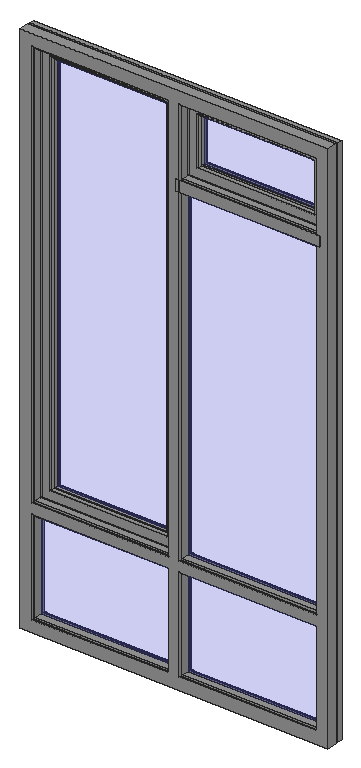
Revit family "MA2FS RH", category Windows, host Wall, Revit 2015
Parameters (values of type "MA2FS RH")
  Sash Height = 1461 mm
  Fanlight Height = 310 mm
  Height = 1814 mm
  Default Lintel Height = 2100 mm
  Wall Closure = By host
  Width = 1040 mm
Reference planes
  plane 1 "Center (Front/Back)": y = 0
  plane 2 "Center (Left/Right)": x = 0
  plane 3 "Left": x = -520
  plane 4 "Right": x = 520
  plane 5 "Sill": z = 286
  plane 6 "Head": z = 2100
  plane 7 "Exterior": y = 100
  plane 8 "Interior": y = -100
  plane 9: y = -28.5
  plane 10: y = 23.5
  plane 11: z = 1790
  plane 12: z = 639
Forms (mm)
  Sweep 1, solid, material "Lauan, Meranti"
    path origin (0, 100, 0) x (-1, 0, 0) y (0, 0, -1)
      loop
        line (520, -2100) -> (520, -286) -> (-520, -286) -> (-520, -2100) -> (520, -2100)
    profile origin (0, 100, 2100) x (0, 0, 1) y (0, -1, 0)
      loop
        line (0, 71.5) -> (0, 86.5) -> (-10, 86.5) -> (-10, 94.5) -> (0, 94.5) -> (0, 128.5) -> (-39, 128.5) -> (-39, 122.5) -> (-44, 122.5) -> (-44, 96.5) -> (-40.5, 96.5) -> (-40.5, 102.5) -> (-37.5, 102.5) -> (-37.5, 96.5) -> (-29, 96.5) -> (-29, 71.5) -> (0, 71.5)
  Extrusion 2, solid, material "Lauan, Meranti"
    sketch origin (22, 0, -1151) x (0, -1, 0) y (0, 0, -1)
      loop
        line (28.5, -1795) -> (22.5, -1795) -> (22.5, -1790) -> (-3.5, -1790) -> (-3.5, -1793.5) -> (2.5, -1793.5) -> (2.5, -1796.5) -> (-3.5, -1796.5) -> (-3.5, -1805) -> (-28.5, -1805) -> (-28.5, -1819) -> (-3.5, -1819) -> (-3.5, -1827.5) -> (2.5, -1827.5) -> (2.5, -1830.5) -> (-3.5, -1830.5) -> (-3.5, -1834) -> (22.5, -1834) -> (22.5, -1829) -> (28.5, -1829) -> (28.5, -1795)
    from -513 to 469
  Extrusion 3, solid, material "Lauan, Meranti"
    sketch origin (0, 0, 0) x (1, 0, 0) y (0, 1, 0)
      loop
        line (22, -22.5) -> (22, 3.5) -> (18.5, 3.5) -> (18.5, -2.5) -> (15.5, -2.5) -> (15.5, 3.5) -> (7, 3.5) -> (7, 28.5) -> (-7, 28.5) -> (-7, 3.5) -> (-15.5, 3.5) -> (-15.5, -2.5) -> (-18.5, -2.5) -> (-18.5, 3.5) -> (-22, 3.5) -> (-22, -22.5) -> (-17, -22.5) -> (-17, -28.5) -> (17, -28.5) -> (17, -22.5) -> (22, -22.5)
    from 668 to 2071
  Extrusion 4, solid, material "Lauan, Meranti"
    sketch origin (-22, 0, 0) x (0, -1, 0) y (0, 0, 1)
      loop
        line (28.5, 1795) -> (28.5, 1829) -> (22.5, 1829) -> (22.5, 1834) -> (-3.5, 1834) -> (-3.5, 1830.5) -> (2.5, 1830.5) -> (2.5, 1827.5) -> (-3.5, 1827.5) -> (-3.5, 1819) -> (-28.5, 1819) -> (-28.5, 1805) -> (-3.5, 1805) -> (-3.5, 1796.5) -> (2.5, 1796.5) -> (2.5, 1793.5) -> (-3.5, 1793.5) -> (-3.5, 1790) -> (22.5, 1790) -> (22.5, 1795) -> (28.5, 1795)
    from -513 to -29
  Sweep 5, solid, material "Rubber"
    path origin (10500, 23.5, 2100) x (0, 0, -1) y (-1, 0, 0)
      loop
        line (29, 10991) -> (29, 10507) -> (1432, 10507) -> (1432, 10991) -> (29, 10991)
    profile origin (-249, 23.5, 2071) x (0, 0, -1) y (0, 1, 0)
      loop
        line (5, -20) -> (9, -20) -> (9, -22.43) -> (8, -22.43) -> (9, -22.698) -> (9, -24.464) -> (8, -24.464) -> (10, -25) -> (12, -24.464) -> (11, -24.464) -> (11, -22.698) -> (12, -22.43) -> (11, -22.43) -> (11, -20) -> (15, -20) -> (15, -17) -> (10, -15) -> (5, -17) -> (5, -20)
  Sweep 6, solid, material "Lauan, Meranti"
    path origin (10500, 23.5, 2100) x (0, 0, -1) y (-1, 0, 0)
      loop
        line (29, 10991) -> (29, 10507) -> (1432, 10507) -> (1432, 10991) -> (29, 10991)
    profile origin (-249, 23.5, 2071) x (0, 0, -1) y (0, 1, 0)
      loop
        line (-5, 5) -> (12, 5) -> (12, -2) -> (14, -2.536) -> (14, -7.464) -> (12, -8) -> (12, -13) -> (10, -13) -> (10, -17) -> (43, -17) -> (43, -14)
        arc (43, -14) -> (47.243, -12.243) -> (49, -8) r 6
        line (49, -8) -> (52, -8) -> (52, 0) -> (43, 0) -> (43, 25) -> (1, 25)
        arc (1, 25) -> (-3.242, 23.243) -> (-5, 19) r 6
        line (-5, 19) -> (-5, 5)
  Extrusion 7, solid, material "Glass"
    sketch origin (10500, 23.5, 2100) x (0, 0, -1) y (-1, 0, 0)
      loop
        line (72, 10948) -> (72, 10550.014) -> (1388.987, 10550.014) -> (1388.987, 10948) -> (72, 10948)
    from 0 to 6.4
  Sweep 8, solid, material "Lauan, Meranti"
    path origin (10500, 23.5, 2100) x (0, 0, -1) y (-1, 0, 0)
      loop
        line (72.013, 10947.988) -> (72.013, 10550) -> (1389, 10550) -> (1389, 10947.988) -> (72.013, 10947.988)
    profile origin (-248.994, 23.5, 2027.987) x (0, 0, -1) y (0, 1, 0)
      loop
        arc (7, 8.4) -> (4.666, 12.769) -> (-0.011, 14.4) r 6.807
        line (-0.011, 14.4) -> (-0.011, 6.4) -> (9, 6.4) -> (9, 8.4) -> (7, 8.4)
  Sweep 9, solid, material "Rubber"
    path origin (10500, 23.5, 2100) x (0, 0, -1) y (-1, 0, 0)
      loop
        line (29, 10493) -> (29, 10009) -> (281, 10009) -> (281, 10493) -> (29, 10493)
    profile origin (249, 23.5, 2071) x (0, 0, -1) y (0, 1, 0)
      loop
        line (5, -17) -> (5, -20) -> (9, -20) -> (9, -22.43) -> (8, -22.43) -> (9, -22.698) -> (9, -24.464) -> (8, -24.464) -> (10, -25) -> (12, -24.464) -> (11, -24.464) -> (11, -22.698) -> (12, -22.43) -> (11, -22.43) -> (11, -20) -> (15, -20) -> (15, -17) -> (10, -15) -> (5, -17)
  Sweep 10, solid, material "Lauan, Meranti"
    path origin (10500, 23.5, 2100) x (0, 0, -1) y (-1, 0, 0)
      loop
        line (29, 10493) -> (29, 10009) -> (281, 10009) -> (281, 10493) -> (29, 10493)
    profile origin (249, 23.5, 2071) x (0, 0, -1) y (0, 1, 0)
      loop
        line (43, 25) -> (1, 25)
        arc (1, 25) -> (-3.242, 23.243) -> (-5, 19) r 6
        line (-5, 19) -> (-5, 5) -> (12, 5) -> (12, -2) -> (14, -2.536) -> (14, -7.464) -> (12, -8) -> (12, -13) -> (10, -13) -> (10, -17) -> (43, -17) -> (43, -14)
        arc (43, -14) -> (47.243, -12.243) -> (49, -8) r 6
        line (49, -8) -> (52, -8) -> (52, 0) -> (43, 0) -> (43, 25)
  Extrusion 11, solid, material "Glass"
    sketch origin (10500, 23.5, 2100) x (0, 0, -1) y (-1, 0, 0)
      loop
        line (72.013, 10449.988) -> (72.013, 10052) -> (238, 10052) -> (238, 10449.988) -> (72.013, 10449.988)
    from 0 to 6.4
  Sweep 12, solid, material "Lauan, Meranti"
    path origin (10500, 23.5, 2100) x (0, 0, -1) y (-1, 0, 0)
      loop
        line (72.013, 10449.988) -> (72.013, 10052.012) -> (237.987, 10052.012) -> (237.987, 10449.988) -> (72.013, 10449.988)
    profile origin (249, 23.5, 2027.987) x (0, 0, -1) y (0, 1, 0)
      loop
        arc (7, 8.4) -> (4.666, 12.769) -> (-0.011, 14.4) r 6.807
        line (-0.011, 14.4) -> (-0.011, 6.4) -> (9, 6.4) -> (9, 8.4) -> (7, 8.4)
  Extrusion 13, solid, material "Lauan, Meranti"
    sketch origin (0, 0, -1432) x (1, 0, 0) y (0, 1, 0)
      loop
        line (22, -22.5) -> (22, 3.5) -> (18.5, 3.5) -> (18.5, -2.5) -> (15.5, -2.5) -> (15.5, 3.5) -> (7, 3.5) -> (7, 28.5) -> (-7, 28.5) -> (-7, 3.5) -> (-15.5, 3.5) -> (-15.5, -2.5) -> (-18.5, -2.5) -> (-18.5, 3.5) -> (-22, 3.5) -> (-22, -22.5) -> (-17, -22.5) -> (-17, -28.5) -> (17, -28.5) -> (17, -22.5) -> (22, -22.5)
    from 1747 to 2086
  Extrusion 14, solid, material "Glass"
    sketch origin (10500, 3.5, 2100) x (0, 0, -1) y (-1, 0, 0)
      loop
        line (295, 10493) -> (295, 10009) -> (1432, 10009) -> (1432, 10493) -> (295, 10493)
      loop
        line (1446, 10991) -> (1446, 10507) -> (1785, 10507) -> (1785, 10991) -> (1446, 10991)
      loop
        line (1446, 10493) -> (1446, 10009) -> (1785, 10009) -> (1785, 10493) -> (1446, 10493)
    from 0 to 6.4
  Sweep 15, solid, material "Lauan, Meranti"
    path origin (10500, 23.5, 2100) x (0, 0, -1) y (-1, 0, 0)
      loop
        line (295, 10493) -> (295, 10009) -> (1432, 10009) -> (1432, 10493) -> (295, 10493)
    profile origin (249, 23.5, 1805) x (0, 0, -1) y (0, 1, 0)
      loop
        line (0, 1.4) -> (0, -13.6) -> (15, -13.6) -> (15, -8.6) -> (13, -8.6)
        arc (13, -8.6) -> (10.071, -1.529) -> (3, 1.4) r 10
        line (3, 1.4) -> (0, 1.4)
  Sweep 16, solid, material "Lauan, Meranti"
    path origin (10500, 23.5, 2100) x (0, 0, -1) y (-1, 0, 0)
      loop
        line (1446, 10991) -> (1446, 10507) -> (1785, 10507) -> (1785, 10991) -> (1446, 10991)
    profile origin (-249, 23.5, 654) x (0, 0, -1) y (0, 1, 0)
      loop
        line (0, 1.4) -> (0, -13.6) -> (15, -13.6) -> (15, -8.6) -> (13, -8.6)
        arc (13, -8.6) -> (10.071, -1.529) -> (3, 1.4) r 10
        line (3, 1.4) -> (0, 1.4)
  Sweep 17, solid, material "Lauan, Meranti"
    path origin (10500, 23.5, 2100) x (0, 0, -1) y (-1, 0, 0)
      loop
        line (1446, 10493) -> (1446, 10009) -> (1785, 10009) -> (1785, 10493) -> (1446, 10493)
    profile origin (249, 23.5, 654) x (0, 0, -1) y (0, 1, 0)
      loop
        line (0, 1.4) -> (0, -13.6) -> (15, -13.6) -> (15, -8.6) -> (13, -8.6)
        arc (13, -8.6) -> (10.071, -1.529) -> (3, 1.4) r 10
        line (3, 1.4) -> (0, 1.4)
Cuts and joins
  joined: Sweep 1, Extrusion 2, Extrusion 3, Extrusion 13
  joined: Extrusion 4, Sweep 15
Lines and regions (mm)
  Opening 1
    outline origin (-5000, 100, 0) x (-1, 0, 0) y (0, 0, 1)
      loop
        line (-4480, 286) -> (-4480, 2100) -> (-5520, 2100) -> (-5520, 286) -> (-4480, 286)
  model lines
    curve 1: line (-2, 48.5, 1369.5) -> (-496, 48.5, 2075.936)
    curve 2: line (-2, 48.5, 1369.5) -> (-496.093, 48.5, 662.93)
    curve 3: line (249, 48.5, 1814) -> (2, 48.5, 2076)
    curve 4: line (496, 48.5, 2076) -> (249, 48.5, 1814)
Text (mm)
  text "EXTERIOR" at (-1963.203, 1332.353, 0), in view "Ref. Level"
  text "INTERIOR" at (-1981.466, -818.386, 0), in view "Ref. Level"
  text "Exterior" at (0, 923.751, 2943.296), in view "Right"
  text "Exterior" at (0, 1040.484, 2685.409), in view "Left"
Dimensions and locks
  equal spacing: plane 3 "Left", plane 2 "Center (Left/Right)", plane 4 "Right"
  "Width": plane 3 "Left" to plane 4 "Right"
  "Height": plane 5 "Sill" to plane 6 "Head"
  "Default Lintel Height": plane 6 "Head" to level
  locked: plane 7 "Exterior" to host wall at 0
  locked: plane 8 "Interior" to host wall
  locked: plane 10 to plane 9 at 52
  "Fanlight Height": plane 11 to plane 6 "Head"
  "Sash Height": plane 12 to plane 6 "Head"
  Sweep 5 sketch curve to Extrusion 3 = 11.5 mm
  Sweep 6 sketch curve to Extrusion 3 = 11.5 mm
  Extrusion 3 to Extrusion 7 sketch curve to Extrusion 7 sketch curve = 28.014 mm, 397.986 mm
  aligned and locked: Sweep 1 to Extrusion 2
  aligned and locked: Sweep 1 to Extrusion 3
  aligned and locked: Extrusion 2 to Extrusion 3
  aligned and locked: Sweep 5 sketch curve to Sweep 1
  aligned and locked: Sweep 5 sketch curve to Extrusion 3  (x2)
  aligned and locked: Sweep 1 to Sweep 6 sketch curve
  aligned and locked: Sweep 6 sketch curve to Sweep 1
  aligned and locked: Sweep 6 sketch curve to Extrusion 3
  aligned and locked: Sweep 6 to Extrusion 7 sketch curve
  aligned and locked: Extrusion 7 sketch curve to Sweep 6
  aligned and locked: Sweep 8 sketch curve to Sweep 6  (x3)
  aligned and locked: Sweep 6 to Sweep 8 sketch curve
  aligned and locked: Sweep 9 sketch curve to Extrusion 3  (x2)
  aligned and locked: Extrusion 4 to Sweep 9 sketch curve
  aligned and locked: Sweep 9 sketch curve to Extrusion 4
  aligned and locked: Sweep 10 sketch curve to Extrusion 3  (x2)
  aligned and locked: Extrusion 4 to Sweep 10 sketch curve
  aligned and locked: Sweep 10 sketch curve to Extrusion 4
  aligned and locked: Extrusion 11 sketch curve to Sweep 10  (x3)
  aligned and locked: Sweep 10 to Extrusion 11 sketch curve
  aligned and locked: Sweep 12 sketch curve to Extrusion 11
  aligned and locked: Extrusion 11 to Sweep 12 sketch curve
  aligned and locked: Sweep 12 sketch curve to Sweep 10  (x2)
  aligned and locked: Sweep 1 to Extrusion 13
  aligned and locked: Extrusion 4 to Sweep 15 sketch curve
  aligned and locked: Sweep 15 sketch curve to Extrusion 14  (x2)
  aligned and locked: Extrusion 2 to Sweep 15 sketch curve
  aligned and locked: Extrusion 2 to Sweep 16 sketch curve
  aligned and locked: Sweep 16 sketch curve to Extrusion 14  (x2)
  aligned and locked: Sweep 16 sketch curve to Extrusion 13
  aligned and locked: Sweep 17 sketch curve to Extrusion 14
  aligned and locked: Sweep 17 sketch curve to Extrusion 13
  aligned and locked: Sweep 1 to Sweep 17 sketch curve
  aligned and locked: Sweep 17 sketch curve to Sweep 1
Automatic sketch dimensions
  plane 2 "Center (Left/Right)" to curve 2 = 2 mm
  plane 11 to curve 4 = 24 mm
  curve 4 to plane 2 "Center (Left/Right)" = 249 mm
  curve 1 to plane 11 = 420.5 mm
  curve 1 to plane 3 "Left" = 24 mm
  curve 2 to plane 3 "Left" = 23.907 mm
  curve 3 to plane 2 "Center (Left/Right)" = 2 mm
  plane 4 "Right" to curve 4 = 24 mm
  plane 12 to curve 2 = 23.93 mm
  plane 6 "Head" to curve 1 = 24.064 mm
  plane 6 "Head" to curve 4 = 24 mm
  plane 6 "Head" to curve 3 = 24 mm
  plane 4 "Right" to Opening 1 sketch curve = 0 mm
  plane 3 "Left" to Opening 1 sketch curve = 0 mm
  Opening 1 sketch curve to plane 5 "Sill" = 0 mm
  Opening 1 sketch curve to plane 6 "Head" = 0 mm
  plane 4 "Right" to Sweep 1 sketch curve = 0 mm
  plane 3 "Left" to Sweep 1 sketch curve = 0 mm
  Sweep 1 sketch curve to plane 6 "Head" = 0 mm
  Sweep 1 sketch curve to plane 5 "Sill" = 0 mm
  profile plane to Sweep 1 sketch curve = 0 mm  (x2)
  profile plane to Sweep 1 sketch curve = 10 mm
  Sweep 1 sketch curve to Sweep 1 sketch curve = 19 mm
  Sweep 1 sketch curve to Sweep 1 sketch curve = 8.5 mm
  Sweep 1 sketch curve to Sweep 1 sketch curve = 1.5 mm
  Sweep 1 sketch curve to Sweep 1 sketch curve = 3 mm
  Sweep 1 sketch curve to Sweep 1 sketch curve = 5 mm
  profile plane to Sweep 1 sketch curve = 71.5 mm
  Sweep 1 sketch curve to Sweep 1 sketch curve = 15 mm
  Sweep 1 sketch curve to Sweep 1 sketch curve = 8 mm
  Sweep 1 sketch curve to Sweep 1 sketch curve = 25 mm
  Sweep 1 sketch curve to Sweep 1 sketch curve = 0 mm
  Sweep 1 sketch curve to Sweep 1 sketch curve = 6 mm
  Sweep 1 sketch curve to Sweep 1 sketch curve = 20 mm
  Sweep 1 sketch curve to Sweep 1 sketch curve = 34 mm
  Extrusion 2 sketch curve to plane 12 = 0 mm
  Extrusion 2 sketch curve to plane 9 = 0 mm
  plane 9 to Extrusion 2 sketch curve = 6 mm  (x2)
  host wall to Extrusion 2 sketch curve = 2.5 mm  (x2)
  Extrusion 2 sketch curve to host wall = 3.5 mm  (x3)
  Extrusion 2 sketch curve to Extrusion 2 sketch curve = 0 mm
  plane 10 to Extrusion 2 sketch curve = 5 mm
  Extrusion 2 sketch curve to Extrusion 2 sketch curve = 3.5 mm
  plane 12 to Extrusion 2 sketch curve = 5 mm
  Extrusion 2 sketch curve to Extrusion 2 sketch curve = 3 mm  (x2)
  Extrusion 2 sketch curve to Extrusion 2 sketch curve = 8.5 mm  (x2)
  Extrusion 2 sketch curve to Extrusion 2 sketch curve = 14 mm
  Extrusion 2 sketch curve to Extrusion 2 sketch curve = 1.5 mm
  Extrusion 2 sketch curve to Extrusion 2 sketch curve = 5 mm
  Extrusion 3 sketch curve to plane 9 = 0 mm
  Extrusion 3 sketch curve to host wall = 3.5 mm  (x3)
  plane 2 "Center (Left/Right)" to Extrusion 3 sketch curve = 22 mm
  host wall to Extrusion 3 sketch curve = 2.5 mm  (x2)
  Extrusion 3 sketch curve to Extrusion 3 sketch curve = 3.5 mm  (x2)
  Extrusion 3 sketch curve to Extrusion 3 sketch curve = 5 mm
  Extrusion 3 sketch curve to Extrusion 3 sketch curve = 3 mm  (x2)
  plane 2 "Center (Left/Right)" to Extrusion 3 sketch curve = 7 mm
  Extrusion 3 sketch curve to plane 2 "Center (Left/Right)" = 7 mm
  Extrusion 3 sketch curve to Extrusion 3 sketch curve = 8.5 mm
  Extrusion 3 sketch curve to plane 2 "Center (Left/Right)" = 17 mm
  plane 9 to Extrusion 3 sketch curve = 6 mm  (x2)
  Extrusion 3 sketch curve to Extrusion 3 sketch curve = 0 mm
  plane 10 to Extrusion 3 sketch curve = 5 mm
  Extrusion 4 sketch curve to plane 11 = 0 mm
  Extrusion 4 sketch curve to plane 9 = 0 mm
  plane 9 to Extrusion 4 sketch curve = 6 mm  (x2)
  host wall to Extrusion 4 sketch curve = 2.5 mm  (x2)
  Extrusion 4 sketch curve to host wall = 3.5 mm  (x3)
  Extrusion 4 sketch curve to Extrusion 4 sketch curve = 0 mm
  plane 10 to Extrusion 4 sketch curve = 5 mm
  plane 11 to Extrusion 4 sketch curve = 3.5 mm
  plane 11 to Extrusion 4 sketch curve = 5 mm
  Extrusion 4 sketch curve to Extrusion 4 sketch curve = 3 mm  (x2)
  plane 11 to Extrusion 4 sketch curve = 15 mm
  Extrusion 4 sketch curve to Extrusion 4 sketch curve = 14 mm
  Extrusion 4 sketch curve to Extrusion 4 sketch curve = 8.5 mm
  Extrusion 4 sketch curve to Extrusion 4 sketch curve = 1.5 mm
  Extrusion 4 sketch curve to Extrusion 4 sketch curve = 5 mm
  plane 6 "Head" to Sweep 5 sketch curve = 29 mm
  Sweep 5 sketch curve to profile plane = 5 mm
  Sweep 5 sketch curve to Sweep 5 sketch curve = 3 mm  (x4)
  Sweep 5 sketch curve to Sweep 5 sketch curve = 0 mm  (x2)
  Sweep 5 sketch curve to Sweep 5 sketch curve = 1 mm  (x6)
  Sweep 5 sketch curve to Sweep 5 sketch curve = 2 mm
  Sweep 5 sketch curve to profile plane = 25 mm
  Sweep 5 sketch curve to Sweep 5 sketch curve = 0.536 mm  (x2)
  Sweep 5 sketch curve to Sweep 5 sketch curve = 1.766 mm  (x2)
  Sweep 5 sketch curve to Sweep 5 sketch curve = 0.268 mm  (x2)
  Sweep 5 sketch curve to Sweep 5 sketch curve = 2.43 mm  (x2)
  Sweep 5 sketch curve to Sweep 5 sketch curve = 5 mm
  plane 2 "Center (Left/Right)" to Sweep 6 sketch curve = 7 mm
  Sweep 6 sketch curve to profile plane = 0 mm
  profile plane to Sweep 6 sketch curve = 5 mm  (x2)
  Sweep 6 sketch curve to profile plane = 1 mm
  Sweep 6 sketch curve to profile plane = 10 mm
  Sweep 6 sketch curve to Sweep 6 sketch curve = 2 mm  (x2)
  Sweep 6 sketch curve to profile plane = 2 mm
  Sweep 6 sketch curve to Sweep 6 sketch curve = 0 mm  (x2)
  Sweep 6 sketch curve to Sweep 6 sketch curve = 29 mm
  Sweep 6 sketch curve to Sweep 6 sketch curve = 6 mm
  Sweep 6 sketch curve to Sweep 6 sketch curve = 3 mm
  Sweep 6 sketch curve to Sweep 6 sketch curve = 0.536 mm  (x2)
  Sweep 6 sketch curve to Sweep 6 sketch curve = 4.928 mm
  Sweep 6 sketch curve to Sweep 6 sketch curve = 8 mm
  Sweep 6 sketch curve to Sweep 6 sketch curve = 5 mm
  Sweep 6 sketch curve to Sweep 6 sketch curve = 4 mm
  Sweep 6 sketch curve to Sweep 6 sketch curve = 14 mm
  profile plane to Sweep 8 sketch curve = 0.011 mm
  Sweep 8 sketch curve to profile plane = 0.241 mm
  Sweep 8 sketch curve to Sweep 8 sketch curve = 6.759 mm
  Sweep 8 sketch curve to Sweep 8 sketch curve = 2 mm  (x2)
  profile plane to Sweep 8 sketch curve = 6.4 mm
  Sweep 8 sketch curve to Sweep 8 sketch curve = 1.197 mm
  Sweep 9 sketch curve to profile plane = 5 mm
  Sweep 9 sketch curve to Sweep 9 sketch curve = 3 mm  (x4)
  Sweep 9 sketch curve to Sweep 9 sketch curve = 0 mm  (x2)
  Sweep 9 sketch curve to Sweep 9 sketch curve = 1 mm  (x7)
  Sweep 9 sketch curve to Sweep 9 sketch curve = 2 mm
  Sweep 9 sketch curve to profile plane = 25 mm
  Sweep 9 sketch curve to Sweep 9 sketch curve = 0.536 mm  (x2)
  Sweep 9 sketch curve to Sweep 9 sketch curve = 1.766 mm  (x2)
  Sweep 9 sketch curve to Sweep 9 sketch curve = 0.268 mm  (x2)
  Sweep 9 sketch curve to Sweep 9 sketch curve = 2.43 mm
  Sweep 9 sketch curve to Sweep 9 sketch curve = 5 mm
  Sweep 10 sketch curve to profile plane = 0 mm
  profile plane to Sweep 10 sketch curve = 5 mm  (x2)
  Sweep 10 sketch curve to profile plane = 1 mm
  Sweep 10 sketch curve to profile plane = 10 mm
  Sweep 10 sketch curve to profile plane = 12 mm
  Sweep 10 sketch curve to Sweep 10 sketch curve = 2 mm  (x2)
  Sweep 10 sketch curve to Sweep 10 sketch curve = 31 mm
  Sweep 10 sketch curve to Sweep 10 sketch curve = 0 mm
  Sweep 10 sketch curve to Sweep 10 sketch curve = 6 mm
  Sweep 10 sketch curve to Sweep 10 sketch curve = 3 mm
  Sweep 10 sketch curve to profile plane = 2 mm
  Sweep 10 sketch curve to Sweep 10 sketch curve = 0.536 mm  (x2)
  Sweep 10 sketch curve to Sweep 10 sketch curve = 4.928 mm
  Sweep 10 sketch curve to Sweep 10 sketch curve = 8 mm
  Sweep 10 sketch curve to Sweep 10 sketch curve = 5 mm
  Sweep 10 sketch curve to Sweep 10 sketch curve = 4 mm
  Sweep 10 sketch curve to Sweep 10 sketch curve = 14 mm
  profile plane to Sweep 12 sketch curve = 0.011 mm
  Sweep 12 sketch curve to profile plane = 0.241 mm
  Sweep 12 sketch curve to Sweep 12 sketch curve = 6.759 mm
  Sweep 12 sketch curve to Sweep 12 sketch curve = 2 mm  (x2)
  profile plane to Sweep 12 sketch curve = 6.4 mm
  Sweep 12 sketch curve to Sweep 12 sketch curve = 1.197 mm
  Extrusion 13 sketch curve to plane 9 = 0 mm
  Extrusion 13 sketch curve to host wall = 3.5 mm  (x3)
  plane 2 "Center (Left/Right)" to Extrusion 13 sketch curve = 22 mm
  host wall to Extrusion 13 sketch curve = 2.5 mm  (x2)
  Extrusion 13 sketch curve to Extrusion 13 sketch curve = 3.5 mm  (x2)
  Extrusion 13 sketch curve to Extrusion 13 sketch curve = 5 mm
  Extrusion 13 sketch curve to Extrusion 13 sketch curve = 3 mm  (x2)
  plane 2 "Center (Left/Right)" to Extrusion 13 sketch curve = 7 mm
  Extrusion 13 sketch curve to plane 2 "Center (Left/Right)" = 7 mm
  Extrusion 13 sketch curve to Extrusion 13 sketch curve = 8.5 mm
  Extrusion 13 sketch curve to plane 2 "Center (Left/Right)" = 17 mm
  plane 9 to Extrusion 13 sketch curve = 6 mm  (x2)
  Extrusion 13 sketch curve to Extrusion 13 sketch curve = 0 mm
  plane 10 to Extrusion 13 sketch curve = 5 mm
  plane 11 to Extrusion 14 sketch curve = 15 mm
  Extrusion 14 sketch curve to plane 2 "Center (Left/Right)" = 7 mm  (x2)
  plane 12 to Extrusion 14 sketch curve = 29 mm
  plane 12 to Extrusion 14 sketch curve = 15 mm
  Extrusion 14 sketch curve to Extrusion 14 sketch curve = 14 mm
  plane 2 "Center (Left/Right)" to Extrusion 14 sketch curve = 7 mm
  Extrusion 14 sketch curve to plane 5 "Sill" = 29 mm
  Extrusion 14 sketch curve to Extrusion 14 sketch curve = 0 mm
  plane 4 "Right" to Extrusion 14 sketch curve = 29 mm  (x2)
  Extrusion 14 sketch curve to plane 3 "Left" = 29 mm
  profile plane to Sweep 15 sketch curve = 0 mm
  Sweep 15 sketch curve to profile plane = 3 mm
  Sweep 15 sketch curve to Sweep 15 sketch curve = 10 mm
  Sweep 15 sketch curve to Sweep 15 sketch curve = 2 mm
  Sweep 15 sketch curve to profile plane = 13.6 mm
  Sweep 15 sketch curve to Sweep 15 sketch curve = 5 mm
  profile plane to Sweep 16 sketch curve = 0 mm
  Sweep 16 sketch curve to profile plane = 3 mm
  Sweep 16 sketch curve to Sweep 16 sketch curve = 10 mm
  Sweep 16 sketch curve to Sweep 16 sketch curve = 2 mm
  Sweep 16 sketch curve to profile plane = 13.6 mm
  Sweep 16 sketch curve to Sweep 16 sketch curve = 5 mm
  Sweep 17 sketch curve to profile plane = 0 mm
  Sweep 17 sketch curve to profile plane = 3 mm
  Sweep 17 sketch curve to Sweep 17 sketch curve = 10 mm
  Sweep 17 sketch curve to Sweep 17 sketch curve = 2 mm
  Sweep 17 sketch curve to profile plane = 13.6 mm
  Sweep 17 sketch curve to Sweep 17 sketch curve = 5 mm
